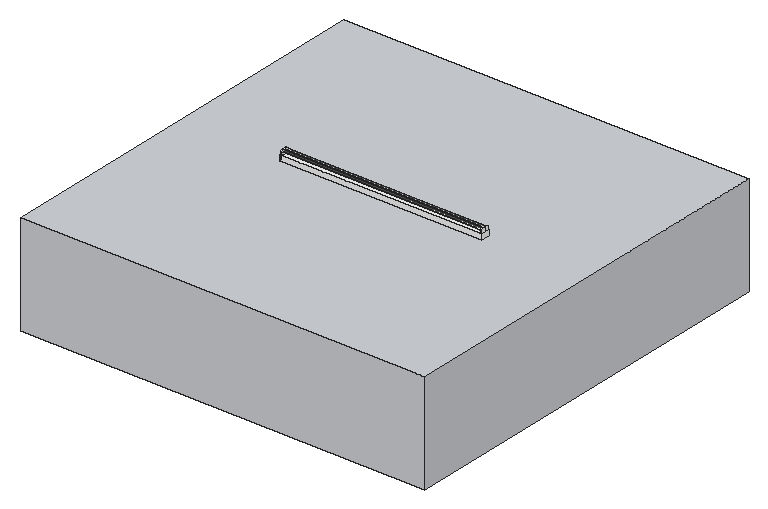
Revit family "CN4", category Lighting Fixtures, host Face, Revit 2012
Parameters (values of type "CN4-254-EP-PAF")
  Wattage Comments = "129 W"
  Wattage = 129 W
  built-in parameter 1150110 = 1 (stored number, unit not read)
  URL = "http://www.columbialighting.com/"
  built-in parameter 1114217 = 1 (stored number, unit not read)
  Tilt Angle = -90.00°
  built-in parameter 1150109 = 1 (stored number, unit not read)
  built-in parameter 1150134 = (empty or 0)
  built-in parameter 1150113 = 1 (stored number, unit not read)
  Product Page URL = "http://www.columbialighting.com/products/cncnss"
  Product Documentation Link = "http://www.columbialighting.com/content/products/specs/specs_files/cn.pdf"
  Photometric Web File = "12789.IES"
  Model = "CN4"  # constant formula
  Manufacturer Phone = "864-678-1000"  # constant formula
  Manufacturer Fax = "866-898-1065"  # constant formula
  Manufacturer = "Columbia Lighting"  # constant formula
  built-in parameter 1150105 = 698.05 (stored number, unit not read)
  Lumens = 8772 lm
  built-in parameter 1150115 = 1 (stored number, unit not read)
  built-in parameter 1150137 = (empty or 0)
  built-in parameter 1150139 = (empty or 0)
  built-in parameter 1150112 = 1 (stored number, unit not read)
  built-in parameter 1150114 = 1 (stored number, unit not read)
  Lamp = "F54T5"
  built-in parameter 1150132 = (empty or 0)
  built-in parameter 1150102 = (empty or 0)
  built-in parameter 1150107 = 4400 (stored number, unit not read)
  built-in parameter 1150138 = (empty or 0)
  built-in parameter 1150106 = 6.9805 (stored number, unit not read)
  Glass = Glass
  Emit from Line Length = 24.000"
  built-in parameter 1150104 = 6.3174 (stored number, unit not read)
  Dimming Lamp Color Temperature Shift = <None>
  Description = "Narrow strip designed specifically for T5/T5HO applications offers smallest strip luminaire for coves, indirect lighting and other restricted spaces that require high performance."  # constant formula
  Default Elevation = 48.000"
  Color Filter = 16777215
  built-in parameter 1114218 = 1 (stored number, unit not read)
  Ballast = "PAV254T5M"
  Backbox = White
  built-in parameter 1150133 = 10 (stored number, unit not read)
Reference planes (in)
  plane 1 "Center (Front/Back)": y = 0.03999
  plane 2: z = 0.06357
  plane 3 "Center (Left/Right)": x = 0.00176
  plane 4: z = 2.25107
  plane 5: x = -23.99824
  plane 6: y = 1.03999
  plane 7: x = 24.00176
  plane 8: y = -0.96001
  plane 9: z = 1.31357
  plane 10: x = -23.89824
  plane 11: x = 23.90176
  plane 12: x = 23.60176
  plane 13: x = -23.59782
  plane 14: y = 0.53999
  plane 15: y = -0.46001
Forms (in)
  Extrusion 1, solid
    sketch origin (0, 0, 0.06357) x (1, 0, 0) y (0, 1, 0)
      loop
        line (-48, 48) -> (-48, -48) -> (48, -48) -> (48, 48) -> (-48, 48)
    from 0 to -24.06357
  Extrusion 2, solid, material "White" <- "Backbox"
    sketch origin (0.00176, 0, 0) x (0, 1, 0) y (0, 0, 1)
      loop
        line (1.03999, 1.31357) -> (-0.96001, 1.31357) -> (-0.96001, 0.06357) -> (1.03999, 0.06357) -> (1.03999, 1.31357)
      loop
        line (0.93999, 0.16357) -> (0.93999, 1.21357) -> (-0.86001, 1.21357) -> (-0.86001, 0.16357) -> (0.93999, 0.16357)
    from -23.9 to 23.9
  Extrusion 3, solid, material "White" <- "Backbox"
    sketch origin (0.00176, 0, 0) x (0, 1, 0) y (0, 0, 1)
      loop
        line (1.03999, 1.31357) -> (-0.96001, 1.31357) -> (-0.96001, 0.06357) -> (1.03999, 0.06357) -> (1.03999, 1.31357)
    from 23.9 to 24
  Extrusion 4, solid, material "White" <- "Backbox"
    sketch origin (0.00176, 0, 0) x (0, 1, 0) y (0, 0, 1)
      loop
        line (0.9561, 1.42793) -> (0.93341, 1.86073)
        arc (0.93341, 1.86073) -> (0.53999, 2.25415) -> (0.14657, 1.86073) r 0.39342
        line (0.14657, 1.86073) -> (0.12389, 1.42793) -> (0.09775, 1.40179) -> (0.12128, 1.37825) -> (0.11789, 1.31357) -> (0.96209, 1.31357) -> (0.9587, 1.37825) -> (0.98224, 1.40179) -> (0.9561, 1.42793)
      loop
        line (-0.87611, 1.42793) -> (-0.90225, 1.40179) -> (-0.87872, 1.37825) -> (-0.88211, 1.31357) -> (-0.03791, 1.31357) -> (-0.0413, 1.37825) -> (-0.01776, 1.40179) -> (-0.0439, 1.42793) -> (-0.06659, 1.86073)
        arc (-0.06659, 1.86073) -> (-0.46001, 2.25415) -> (-0.85343, 1.86073) r 0.39342
        line (-0.85343, 1.86073) -> (-0.87611, 1.42793)
    from 23.6 to 23.9
  Extrusion 5, solid, material "White" <- "Backbox"
    sketch origin (0.01104, 0, 0) x (0, 1, 0) y (0, 0, -1)
      loop
        line (0.9561, -1.42793) -> (0.98224, -1.40179) -> (0.9587, -1.37825) -> (0.96209, -1.31357) -> (0.11789, -1.31357) -> (0.12128, -1.37825) -> (0.09775, -1.40179) -> (0.12389, -1.42793) -> (0.14657, -1.86073)
        arc (0.14657, -1.86073) -> (0.53999, -2.25415) -> (0.93341, -1.86073) r 0.39342
        line (0.93341, -1.86073) -> (0.9561, -1.42793)
      loop
        line (-0.87611, -1.42793) -> (-0.85343, -1.86073)
        arc (-0.85343, -1.86073) -> (-0.46001, -2.25415) -> (-0.06659, -1.86073) r 0.39342
        line (-0.06659, -1.86073) -> (-0.0439, -1.42793) -> (-0.01776, -1.40179) -> (-0.0413, -1.37825) -> (-0.03791, -1.31357) -> (-0.88211, -1.31357) -> (-0.87872, -1.37825) -> (-0.90225, -1.40179) -> (-0.87611, -1.42793)
    from 23.60886 to 23.90928
  Extrusion 6, solid, material "White" <- "Backbox"
    sketch origin (0.01104, 0, 0) x (0, 1, 0) y (0, 0, -1)
      loop
        line (1.03999, -1.31357) -> (1.03999, -0.06357) -> (-0.96001, -0.06357) -> (-0.96001, -1.31357) -> (1.03999, -1.31357)
    from 23.90928 to 24.00928
  Extrusion 7, solid, material "Glass" <- "Glass"
    sketch origin (0.00176, 0, 0) x (0, 1, 0) y (0, 0, 1)
      loop
        circle (0.53999, 1.8877) r 0.28
      loop
        circle (-0.46001, 1.8877) r 0.28
    from -23.59958 to 23.6
Cuts and joins
  joined: Extrusion 2, Extrusion 3, Extrusion 4, Extrusion 5, Extrusion 6
Dimensions and locks (in)
  plane 5 to plane 3 "Center (Left/Right)" = 24.000"
  locked: plane 6 to plane 1 "Center (Front/Back)" at 1
  plane 7 to plane 3 "Center (Left/Right)" = 24.000"
  locked: plane 8 to plane 1 "Center (Front/Back)" at 1
  locked: plane 4 to Extrusion 1 at 2.1875
  locked: plane 10 to plane 5 at 0.1
  locked: level to Extrusion 2 at 1.25
  locked: plane 11 to plane 7 at 0.1
  locked: Extrusion 5 to level at 1.25
  locked: Extrusion 4 to level at 1.25
  locked: plane 14 to plane 1 "Center (Front/Back)" at 0.5
  locked: plane 14 to Extrusion 7 sketch curve at 0
  locked: plane 15 to Extrusion 7 sketch curve at 0
  locked: Extrusion 5 to Extrusion 4 at 0.08168  (x2)
  locked: plane 5 to plane 13 at 0.40042
  locked: plane 7 to plane 12 at 0.4
  aligned and locked: plane 2 to Extrusion 1
  aligned and locked: plane 9 to Extrusion 2 sketch curve
  aligned and locked: plane 6 to Extrusion 2 sketch curve
  aligned and locked: Extrusion 2 sketch curve to level
  aligned and locked: plane 8 to Extrusion 2 sketch curve
  aligned and locked: Extrusion 2 to plane 10
  aligned and locked: Extrusion 3 sketch curve to Extrusion 2  (x4)
  aligned and locked: plane 9 to Extrusion 4 sketch curve
  aligned and locked: Extrusion 4 sketch curve to Extrusion 2
  aligned and locked: Extrusion 2 to plane 11
  aligned and locked: Extrusion 2 to Extrusion 4
  aligned and locked: Extrusion 4 to plane 12
  aligned and locked: Extrusion 3 to Extrusion 2
  aligned and locked: Extrusion 5 to plane 9
  aligned and locked: Extrusion 3 to plane 7
  aligned and locked: plane 11 to Extrusion 3
  aligned and locked: Extrusion 5 to plane 13
  aligned and locked: plane 10 to Extrusion 6
  aligned and locked: Extrusion 6 to plane 5
  aligned and locked: Extrusion 7 to Extrusion 5
  aligned and locked: plane 12 to Extrusion 7
  aligned and locked: Extrusion 5 to Extrusion 2
  aligned and locked: imposter light to plane 1 "Center (Front/Back)"
  aligned and locked: plane 4 to imposter light
Connectors (in)
  electrical at (0, 0, 0.06357), driven by "Description"
    settings: index 1, voltage 0 V, apparent load 0 VA, apparent load phase1 0 VA, apparent load phase2 0 VA, apparent load phase3 0 VA, power factor 1, load classification "Lighting", number of poles 1, system type 30, power factor state 1, is connector primary yes, connector utility no, sub classification motor no, connector description "Narrow strip designed specifically for T5/T5HO applications offers smallest strip luminaire for coves, indirect lighting and other restricted spaces that require high performance."
